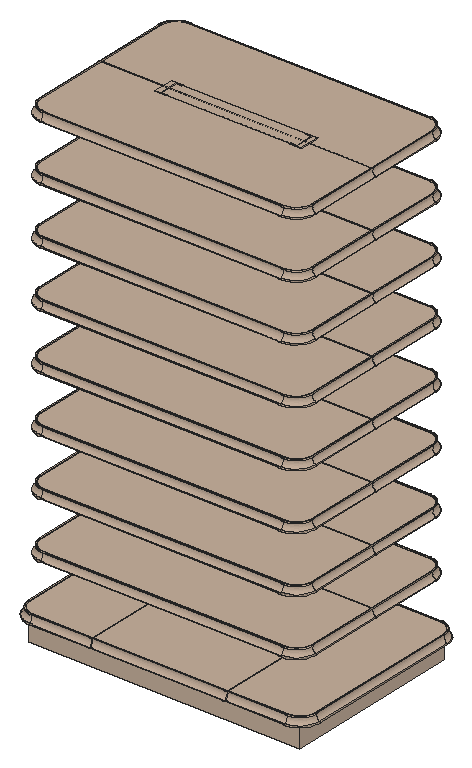
Revit family "LUXE-FAD_2x3", category Generic Models, Revit 2012
Parameters
  URL = "http://www.madixinc.com/display/luxe/"
  Shelf Material = Default Madix
  Shelf Depth = 1' - 0"
  Model = "Luxe Feature Aisle Display 2' x 3'"
  Manufacturer = "© 2013 Madix, Inc. All rights reserved."
  Base Material = Default Madix
  B-8 On/Off = yes
  B-7 On/Off = yes
  B-6 On/Off = yes
  B-5 On/Off = yes
  B-4 On/Off = yes
  B-3 On/Off = yes
  B-2 On/Off = yes
  B-1 On/Off = yes
  A-8 On/Off = yes
  A-7 On/Off = yes
  A-6 On/Off = yes
  A-5 On/Off = yes
  A-4 On/Off = yes
  A-3 On/Off = yes
  A-2 On/Off = yes
  A-1 On/Off = yes
Reference planes (in)
  plane 1 "Center (Front/Back)": y = 0
  plane 2: z = 0
  plane 3 "Center (Left/Right)": x = 0
Dimensions and locks (in)
  aligned and locked: plane 2 to level
Nested families (in)
  nested 1: "L-FAD_2x3" at (-0.75, 0, 0), type "L-FAD_2x3"
Definition of nested family "L-FAD_2x3"
  Parameters (values of type "L-FAD_2x3")
    WAUSN Shelf Depth = 1' - 0"
    Shelf Material = Default Madix
    SL Width = 1' - 6"
    Base Material = Default Madix
    BU VC Height = 5' - 0"
    B-8 On/Off = yes
    B-7 On/Off = yes
    B-6 On/Off = yes
    B-5 On/Off = yes
    B-4 On/Off = yes
    B-3 On/Off = yes
    B-2 On/Off = yes
    B-1 On/Off = yes
    B Height = BU VC Height  # 5' - 0"
    A-8 On/Off = yes
    A-7 On/Off = yes
    A-6 On/Off = yes
    A-5 On/Off = yes
    A-4 On/Off = yes
    A-3 On/Off = yes
    A-2 On/Off = yes
    A-1 On/Off = yes
  Reference planes (in)
    plane 1 "Center (Front/Back)": y = 0
    plane 2: z = 0
    plane 3 "Center (Left/Right)": x = 0
    plane 4: y = 1.375
    plane 5: y = -1.375
    plane 6: y = 1.375
    plane 7: y = -1.375
  Forms (in)
    Extrusion 1, solid, material "Default Madix"
      sketch origin (0.75, 0, 4) x (1, 0, 0) y (0, 1, 0)
        loop
          line (-0.75, -1.375) -> (0.75, -1.375) -> (0.75, -1.25) -> (0, -1.25) -> (0, 1.25) -> (0.75, 1.25) -> (0.75, 1.375) -> (-0.75, 1.375) -> (-0.75, -1.375)
      from 0 to 60
    Extrusion 2, solid, material "Default Madix"
      sketch origin (38.25, 0, 4) x (-1, 0, 0) y (0, -1, 0)
        loop
          line (18.75, 1.375) -> (18.75, -1.375) -> (20.25, -1.375) -> (20.25, -1.25) -> (19.5, -1.25) -> (19.5, 1.25) -> (20.25, 1.25) -> (20.25, 1.375) -> (18.75, 1.375)
      from 0 to 60
    Extrusion 3, solid, material "Default Madix"
      sketch origin (0, 0, 4) x (1, 0, 0) y (0, 1, 0)
        loop
          line (0.75, 1.25) -> (0.75, -1.25) -> (18.75, -1.25) -> (18.75, 1.25) -> (0.75, 1.25)
      from 0 to 60
    Extrusion 4, solid, material "Default Madix" <- "Base Material"
      sketch origin (0, 0, 0) x (1, 0, 0) y (0, 1, 0)
        loop
          line (-8.25, 12) -> (-8.25, -12) -> (27.75, -12) -> (27.75, 12) -> (-8.25, 12)
      from 0 to 3
  Dimensions and locks (in)
    "BU VC Height": Extrusion 1 to Extrusion 1
    "BU VC Height": Extrusion 2 to Extrusion 2
    "SL Width": Extrusion 2 to Extrusion 1
    "B Height": Extrusion 3 to Extrusion 3
    aligned and locked: plane 2 to level
    aligned and locked: Extrusion 3 sketch curve to Extrusion 1
    aligned and locked: Extrusion 3 sketch curve to Extrusion 2
  Automatic sketch dimensions
    Extrusion 1 sketch curve to plane 3 "Center (Left/Right)" = 0' - 0"
    plane 5 to Extrusion 1 sketch curve = 0' - 0"
    Extrusion 1 sketch curve to plane 4 = 0' - 0"
    Extrusion 1 sketch curve to plane 5 = 0' - 0 1/8"
    plane 3 "Center (Left/Right)" to Extrusion 1 sketch curve = 0' - 0 3/4"
    Extrusion 1 sketch curve to Extrusion 1 sketch curve = 0' - 0 3/4"  (x2)
    Extrusion 1 sketch curve to plane 4 = 0' - 0 1/8"
    plane 7 to Extrusion 2 sketch curve = 0' - 0"
    Extrusion 2 sketch curve to plane 6 = 0' - 0"
    plane 3 "Center (Left/Right)" to Extrusion 2 sketch curve = 1' - 7 1/2"
    Extrusion 2 sketch curve to plane 7 = 0' - 0 1/8"
    Extrusion 2 sketch curve to Extrusion 2 sketch curve = 0' - 0 3/4"  (x3)
    Extrusion 2 sketch curve to plane 6 = 0' - 0 1/8"
    plane 1 "Center (Front/Back)" to Extrusion 3 sketch curve = 0' - 1 1/4"
    Extrusion 3 sketch curve to plane 1 "Center (Front/Back)" = 0' - 1 1/4"
    Extrusion 4 sketch curve to plane 3 "Center (Left/Right)" = 0' - 8 1/4"
    plane 3 "Center (Left/Right)" to Extrusion 4 sketch curve = 2' - 3 3/4"
    plane 1 "Center (Front/Back)" to Extrusion 4 sketch curve = 1' - 0"
    Extrusion 4 sketch curve to plane 1 "Center (Front/Back)" = 1' - 0"
  Nested families (in)
    nested 1: "MEF_2x3_shelf" at (0.75, 12.625, 3) x (0, -1, 0) z (0, 0, 1), type "MEF_2x3_shelf"
    nested 2: "MEF_2x3_shelf" at (18.75, 12.625, 3) x (0, -1, 0) z (0, 0, 1), type "MEF_2x3_shelf"
    nested 3: "SBS_2x3_shelf" at (0.75, -0.625, 3), type "SBS_2x3_shelf"
    nested 4: "SBS_2x3_shelf" at (0.75, 0.625, 3), type "SBS_2x3_shelf"
    nested 5: "WAUSN_2x3_shelf" at (-8.25, 0, 10.5), visible <- "A-1 On/Off", type "WAUSN_2x3_shelf"
    nested 6: "WAUSN_2x3_shelf" at (-8.25, 0, 18), visible <- "A-2 On/Off", type "WAUSN_2x3_shelf"
    nested 7: "WAUSN_2x3_shelf" at (-8.25, 0, 25.5), visible <- "A-3 On/Off", type "WAUSN_2x3_shelf"
    nested 8: "WAUSN_2x3_shelf" at (-8.25, 0, 33), visible <- "A-4 On/Off", type "WAUSN_2x3_shelf"
    nested 9: "WAUSN_2x3_shelf" at (-8.25, 0, 40.5), visible <- "A-5 On/Off", type "WAUSN_2x3_shelf"
    nested 10: "WAUSN_2x3_shelf" at (-8.25, 0, 48), visible <- "A-6 On/Off", type "WAUSN_2x3_shelf"
    nested 11: "WAUSN_2x3_shelf" at (-8.25, 0, 55.5), visible <- "A-7 On/Off", type "WAUSN_2x3_shelf"
    nested 12: "WAUSN_2x3_shelf" at (-8.25, 0, 63), visible <- "A-8 On/Off", type "WAUSN_2x3_shelf"
    nested 13: "WAUSN_2x3_shelf" at (-8.25, 0, 10.5), visible <- "B-1 On/Off", type "WAUSN_2x3_shelf"
    nested 14: "WAUSN_2x3_shelf" at (-8.25, 0, 18), visible <- "B-2 On/Off", type "WAUSN_2x3_shelf"
    nested 15: "WAUSN_2x3_shelf" at (-8.25, 0, 25.5), visible <- "B-3 On/Off", type "WAUSN_2x3_shelf"
    nested 16: "WAUSN_2x3_shelf" at (-8.25, 0, 33), visible <- "B-4 On/Off", type "WAUSN_2x3_shelf"
    nested 17: "WAUSN_2x3_shelf" at (-8.25, 0, 40.5), visible <- "B-5 On/Off", type "WAUSN_2x3_shelf"
    nested 18: "WAUSN_2x3_shelf" at (-8.25, 0, 48), visible <- "B-6 On/Off", type "WAUSN_2x3_shelf"
    nested 19: "WAUSN_2x3_shelf" at (-8.25, 0, 55.5), visible <- "B-7 On/Off", type "WAUSN_2x3_shelf"
    nested 20: "WAUSN_2x3_shelf" at (-8.25, 0, 63), visible <- "B-8 On/Off", type "WAUSN_2x3_shelf"
  Definition of nested family "MEF_2x3_shelf"
    Parameters (values of type "MEF_2x3_shelf")
      Shelf Material = Default Madix
    Reference planes (in)
      plane 1 "Center (Front/Back)": y = 0
      plane 2: z = 0
      plane 3 "Center (Left/Right)": x = 0
    Forms (in)
      Extrusion 1, solid, material "Default Madix" <- "Shelf Material"
        sketch origin (0, 0, 0) x (1, 0, 0) y (0, 1, 0)
          loop
            line (0, 0) -> (0, -8)
            arc (0, -8) -> (0.58579, -9.41421) -> (2, -10) r 2
            line (2, -10) -> (23.25, -10)
            arc (23.25, -10) -> (24.66421, -9.41421) -> (25.25, -8) r 2
            line (25.25, -8) -> (25.25, 0) -> (0, 0)
        from 0 to 1
      Sweep 2, solid, material "Default Madix" <- "Shelf Material"
        path origin (18.55284, 0.0039, -3) x (1, 0, 0) y (0, 1, 0)
          loop
            line (7.23201, -0.0039) -> (7.23201, -7.99597)
            arc (7.23201, -7.99597) -> (6.48724, -9.79398) -> (4.68923, -10.53875) r 2.54278
            line (4.68923, -10.53875) -> (-16.54491, -10.53875)
            arc (-16.54491, -10.53875) -> (-18.34293, -9.79398) -> (-19.08769, -7.99597) r 2.54278
            line (-19.08769, -7.99597) -> (-19.08769, -0.0039)
        profile origin (12.625, -10.53485, -3) x (0, -1, 0) y (0, 0, 1)
          loop
            line (-0.53485, 4) -> (-0.53485, 3) -> (-0.01282, 3)
            arc (-0.01282, 3) -> (0.01439, 3.0214) -> (0, 3.05288) r 0.02799
            arc (0, 3.05288) -> (-0.36022, 3.44568) -> (-0.37947, 3.97829) r 0.77077
            arc (-0.37947, 3.97829) -> (-0.3818, 3.99316) -> (-0.3952, 4) r 0.01655
            line (-0.3952, 4) -> (-0.53485, 4)
    Dimensions and locks (in)
      aligned and locked: plane 2 to level
  Definition of nested family "SBS_2x3_shelf"
    Parameters (values of type "SBS_2x3_shelf")
      Shelf Material = none
    Reference planes (in)
      plane 1 "Center (Front/Back)": y = 0
      plane 2: z = 0
      plane 3 "Center (Left/Right)": x = 0
    Forms (in)
      Extrusion 1, solid, material <- "Shelf Material"
        sketch origin (0, -2, 0) x (1, 0, 0) y (0, 1, 0)
          loop
            line (0, 2) -> (0, -10) -> (18, -10) -> (18, 2) -> (0, 2)
        from 0 to 1
      Sweep 2, solid, material <- "Shelf Material"
        path origin (18.55284, -1.9961, -3) x (1, 0, 0) y (0, 1, 0)
          loop
            line (-0.55284, -10.53875) -> (-18.55284, -10.53875)
        profile origin (9, -12.53485, -3) x (0, -1, 0) y (0, 0, 1)
          loop
            line (-0.53485, 4) -> (-0.53485, 3) -> (-0.01282, 3)
            arc (-0.01282, 3) -> (0.01439, 3.0214) -> (0, 3.05288) r 0.02799
            arc (0, 3.05288) -> (-0.36022, 3.44568) -> (-0.37947, 3.97829) r 0.77077
            arc (-0.37947, 3.97829) -> (-0.3818, 3.99316) -> (-0.3952, 4) r 0.01655
            line (-0.3952, 4) -> (-0.53485, 4)
    Dimensions and locks (in)
      aligned and locked: plane 2 to level
  Definition of nested family "WAUSN_2x3_shelf"
    Parameters (values of type "WAUSN_2x3_shelf")
      WAUSN Shelf Depth = 1' - 0"
      Shelf Material = Default Madix
    Reference planes (in)
      plane 1 "Center (Front/Back)": y = 0
      plane 2: z = 0
      plane 3 "Center (Left/Right)": x = 0
    Forms (in)
      Extrusion 1, solid, material "Default Madix" <- "Shelf Material"
        sketch origin (0, 0, 0) x (1, 0, 0) y (0, 1, 0)
          loop
            line (0, 0) -> (0, -10)
            arc (0, -10) -> (0.58579, -11.41421) -> (2, -12) r 2
            line (2, -12) -> (34, -12)
            arc (34, -12) -> (35.41421, -11.41421) -> (36, -10) r 2
            line (36, -10) -> (36, 0) -> (0, 0)
        from 0 to 1
      Sweep 2, solid, material "Default Madix" <- "Shelf Material"
        path origin (18.55284, -1.9961, -3) x (1, 0, 0) y (0, 1, 0)
          loop
            line (17.98201, 1.9961) -> (17.98201, -7.99597)
            arc (17.98201, -7.99597) -> (17.23724, -9.79398) -> (15.43923, -10.53875) r 2.54278
            line (15.43923, -10.53875) -> (-16.54491, -10.53875)
            arc (-16.54491, -10.53875) -> (-18.34293, -9.79398) -> (-19.08769, -7.99597) r 2.54278
            line (-19.08769, -7.99597) -> (-19.08769, 1.9961)
        profile origin (18, -12.53485, -3) x (0, -1, 0) y (0, 0, 1)
          loop
            line (-0.53485, 4) -> (-0.53485, 3) -> (-0.01282, 3)
            arc (-0.01282, 3) -> (0.01439, 3.0214) -> (0, 3.05288) r 0.02799
            arc (0, 3.05288) -> (-0.36022, 3.44568) -> (-0.37947, 3.97829) r 0.77077
            arc (-0.37947, 3.97829) -> (-0.3818, 3.99316) -> (-0.3952, 4) r 0.01655
            line (-0.3952, 4) -> (-0.53485, 4)
    Dimensions and locks (in)
      "WAUSN Shelf Depth": Extrusion 1 to Sweep 2
      aligned and locked: plane 2 to level
      aligned and locked: Extrusion 1 to Sweep 2
    Automatic sketch dimensions
      plane 1 "Center (Front/Back)" to Extrusion 1 sketch curve = 0' - 0"
      Extrusion 1 sketch curve to plane 3 "Center (Left/Right)" = 0' - 0"
      Extrusion 1 sketch curve to Extrusion 1 sketch curve = 0' - 2"  (x2)
      plane 1 "Center (Front/Back)" to Extrusion 1 sketch curve = 1' - 0"
      Extrusion 1 sketch curve to Extrusion 1 sketch curve = 2' - 8"
      plane 1 "Center (Front/Back)" to Sweep 2 sketch curve = 0' - 0"  (x2)
      Sweep 2 sketch curve to plane 3 "Center (Left/Right)" = 0' - 0.53485"
      plane 3 "Center (Left/Right)" to Sweep 2 sketch curve = 0' - 2.00793"
      plane 1 "Center (Front/Back)" to Sweep 2 sketch curve = 1' - 0.53485"
      Sweep 2 sketch curve to Sweep 2 sketch curve = 2' - 7.98414"
      Sweep 2 sketch curve to Sweep 2 sketch curve = 0' - 2.54278"
      Sweep 2 sketch curve to profile plane = 0' - 0"  (x2)
      profile plane to Sweep 2 sketch curve = 0' - 0.01282"
      profile plane to Sweep 2 sketch curve = 0' - 0.37947"
      Sweep 2 sketch curve to Sweep 2 sketch curve = 0' - 0"
      Sweep 2 sketch curve to Sweep 2 sketch curve = 0' - 0.01572"
      Sweep 2 sketch curve to Sweep 2 sketch curve = 0' - 0.52203"
      Sweep 2 sketch curve to profile plane = 0' - 0.35292"
      profile plane to Sweep 2 sketch curve = 0' - 3"
      Sweep 2 sketch curve to Sweep 2 sketch curve = 0' - 0.02799"
